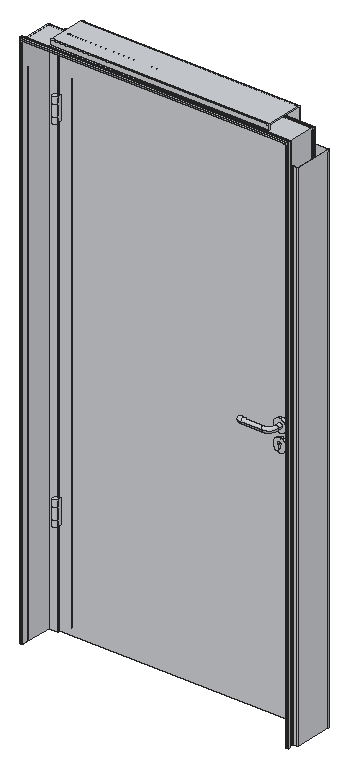
Revit family "BOS-Leibungszarge-SinoPlanar-Tosd-STW_Familie", category Türen, Revit 2017 (continued)
Definition of nested family "BOS-SinoPlanar-STW_Detail"
  Dimensions and locks
    "Leibungstiefe": plane 25 to plane 16
    "Ankerstärke": plane 24 to plane 26
    "Blechstärke": plane 16 to plane 26
    aligned and locked: plane 21 to curve 26
    aligned and locked: plane 1 to curve 27
    aligned and locked: plane 17 to curve 34
    aligned and locked: plane 4 to curve 35
  Automatic sketch dimensions
    curve 2 to curve 4 = 0 mm  (x6)
    curve 13 to curve 11 = 146 mm
    curve 13 to curve 4 = 45.1 mm
    curve 11 to curve 12 = 45 mm
    curve 2 to curve 16 = 3 mm
    curve 4 to curve 10 = 2 mm
    curve 1 to curve 19 = 16.651 mm
    curve 19 to curve 20 = 45 mm
    curve 20 to curve 6 = 21 mm
    curve 7 to curve 22 = 51.413 mm
    curve 19 to curve 19 = 6 mm
    curve 6 to curve 5 = 12.5 mm
    curve 5 to curve 11 = 39.051 mm
    curve 17 to curve 14 = 39.051 mm
    curve 15 to curve 5 = 12.5 mm
    curve 9 to curve 17 = 25 mm
    curve 7 to curve 15 = 12.5 mm
    curve 18 to curve 9 = 12.5 mm  (x2)
    curve 24 to curve 19 = 6 mm
    curve 8 to curve 9 = 25 mm
    curve 1 to curve 3 = 0 mm  (x6)
    curve 2 to curve 8 = 32.016 mm
    curve 4 to curve 16 = 140 mm
    curve 9 to plane 6 = 0 mm
    curve 18 to plane 6 = 0 mm
    curve 15 to plane 6 = 0 mm
    curve 17 to plane 6 = 0 mm
    curve 7 to plane 6 = 0 mm
    curve 5 to plane 6 = 0 mm
    curve 11 to plane 5 = 0 mm
    curve 14 to plane 5 = 0 mm
    curve 24 to plane 3 = 0 mm
    curve 10 to plane 3 = 0 mm
    curve 22 to plane 22 = 0 mm
    plane 1 to curve 8 = 0 mm
    curve 9 to plane 12 = 0 mm
    curve 9 to plane 21 = 0 mm
    curve 22 to plane 23 = 0 mm
    curve 6 to plane 4 = 0 mm
    curve 15 to plane 17 = 0 mm
    curve 24 to plane 11 = 0 mm
    curve 20 to plane 24 = 0 mm
    curve 4 to curve 2 = 5 mm
    curve 3 to curve 1 = 5 mm
    curve 4 to curve 2 = 2 mm
    curve 18 to plane 1 = 12.5 mm
Definition of nested family "BOS-Logo_Modell"
  Parameters (values of type "BOS-Logo_Modell")
    URL = "www.BestOfSteel.de"
    Keynote = "BOS Logo"
  Reference planes
    plane 1 "Mitte (Vorne/hinten)": y = 0
    plane 2: z = 0
    plane 3 "Mitte (Links/rechts)": x = 0
    plane 4: x = -15
    plane 5: y = -10
    plane 6: x = -10.6
    plane 7: y = 6
    plane 8: y = -6
    plane 9: x = 10.6
    plane 10: x = -23.6
    plane 11: y = -18
    plane 12: x = 23.6
    plane 13: y = 18
    plane 14: y = 10
    plane 15: x = 15
  Dimensions and locks
    locked: plane 4 to plane 6 at 4.4
    locked: plane 8 to plane 5 at 4
    plane 13 to plane 7 = 12 mm
    plane 8 to plane 11 = 12 mm
    plane 9 to plane 12 = 13 mm
    plane 10 to plane 6 = 13 mm
    plane 7 to plane 14 = 4 mm
    plane 9 to plane 15 = 4.4 mm
    equal spacing: plane 10, plane 3 "Mitte (Links/rechts)", plane 12
    equal spacing: plane 11, plane 1 "Mitte (Vorne/hinten)", plane 13
    aligned and locked: level to plane 2
Types (3, lengths in mm): name | Tosd (verdeckt liegendes Band) | VX Bänder stumpf DIN links | VX Bänder | Türblattstärke 3 | Türblattstärke 2 | Tectus Bänder DIN links | Tectus Bänder | Tosd | Tosd 40/30/15 | Modell | Leibungstiefe   Soffit Depth | Leibungstiefe | Falztiefe gesamt | Falztiefe | Dichtungsversatz vertikal | Aussteifungsprofil 2 | Aussteifungsprofil 1
  Tosd 40/30/15 | no | yes | yes | 30 | 40 | no | no | no | yes | "Tosd 40/30/15" | 25 | 25 | 49.5 | 49.5 | 178 | no | yes
  Tosd | no | yes | yes | 25 | 45 | no | no | yes | no | "Tosd" | 20 | 20 | 54.5 | 54.5 | 183 | yes | no
  Tosd (verdeckt liegendes Band) | yes | no | no | 25 | 45 | yes | yes | no | no | "Tosd (verdeckt lliegendes Band)" | 20 | 20 | 54.5 | 54.5 | 183 | yes | no
